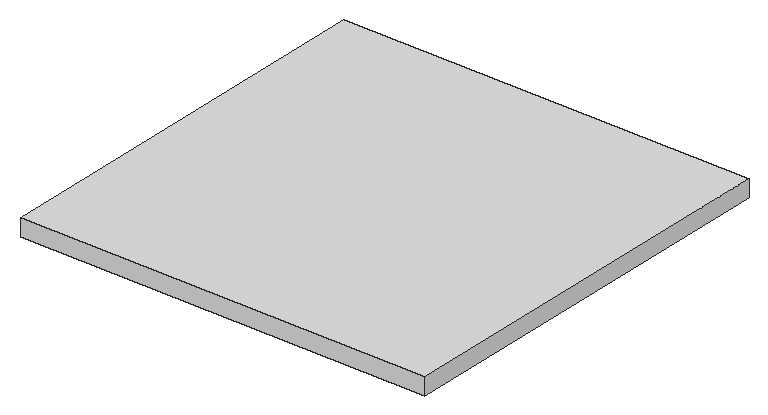
Revit family "IEK_Светильник_LED_ДВО_6575-6576_IP20_LOD2_R19", category Осветительные приборы, Revit 2019
Family settings
  Размер круглого соединителя = Использовать диаметр
  Тип детали = Нормальный
  На основе рабочей плоскости = Нет
  Всегда вертикально = Да
  При загрузке вырезать с полостями = Нет
  Источник света = Нет
  Общий = Нет
  Точка расчета площади = Нет
Parameters (values of type "ДВО6575_40Вт_3400лм_4000К_Встраиваемый_Сталь")
  УГО_Ширина = if(ADSK_Размер_Ширина = 595 mm, 5.9 mm, 2.5 mm)  # 5.9 mm
  УГО_Длина = if(ADSK_Размер_Длина = 595 mm, 5.9 mm, 10 mm)  # 5.9 mm
  УГО_А_верт [instance] = no
  УГО_А_180гр [instance] = no
  УГО_А_-90гр [instance] = no
  УГО_А_+90гр [instance] = no
  Лампа = "Светодиод. источник света (LED)"
  Комментарии к мощности = "Подвесной потолок Армстронг / Опал"
  Изготовитель = "IEK"  # constant formula
  URL = "https://www.iek.ru/"
  KSI_CPr_Строительные изделия = "ЭЛ 40 50 50 30"  # constant formula
  KSI_CMa_Строительные материалы = "СТ 10 12 20 20"  # constant formula
  IEK_Частота = "50 Гц"
  IEK_Цветовая температура = "4000 К"
  IEK_Цвет = "Белый"  # constant formula
  IEK_УГО_Смещение по оси Y [instance] = 1000 mm
  IEK_УГО_Смещение по оси X [instance] = 1000 mm
  IEK_УГО_Рабочее освещение [instance] = yes
  IEK_УГО_Аварийное освещение [instance] = not(IEK_УГО_Рабочее освещение)  # no
  IEK_Тип лампы = "LED"  # constant formula
  IEK_Температура эксплуатации = "0...+40 °C"
  IEK_Степень защиты = "IP20"  # constant formula
  IEK_Срок службы = "30 000 часов"  # constant formula
  IEK_Серия = "ДВО6575"
  IEK_Световой поток = "3400 лм"
  IEK_Редактор = ""
  IEK_Разработчик = "Созутов ВД"  # constant formula
  IEK_Описание = "Светодиодная панель IEK имеет равномерную засветку без слепящего эффекта. Широко используются в торговых центрах, магазинах, холлах, ресторанах, автосалонах, аэропортах, вокзалах, спортивных учреждениях.\r\n\r\nСветодиодные панели являются современными энергоэффективными светильниками и служат альтернативой светильникам ЛПО/ЛВО с люминесцентными лампами.\r\nМатериал корпуса - сталь, материал рассеивателя - полистирол.\r\nПрименение светодиодных технологий позволяет обеспечить время работы светильника до 30 000 часов.\r\nСветодиодные панели являются современными энергоэффективными светильниками и служат альтернативой светильникам ЛПО/ЛВО с люминесцентными лампами.\r\nМатериал корпуса - сталь, материал рассеивателя - полистирол.\r\nПрименение светодиодных технологий позволяет обеспечить время работы светильника до 30 000 часов.\r\n\r\nТехнические характеристики"
  IEK_Монтажная температура = ""
  IEK_Конфигуратор = "http://www.iek.ru/products/light-calc/"
  IEK_Класс защиты = "I"  # constant formula
  IEK_Индекс цветопередачи = "80-89 (класс 1B)"
  IEK_Замена = "ЛПО/ЛВО"  # constant formula
  IEK_Гарантийный срок = "2 года"  # constant formula
  IEK_Вид климатического исполнения = ""
  IEK_Блок аварийного питания = no
  IEK_URL_Сертификат = "https://www.iek.ru/local/components/iek/prodcat.catalog.detail/download.php?hash=4717c388fe1ccb0594ea8e8845a348aa22f6358a7c5fceadd03c67777cf521f2"
  IEK_URL_Паспорт изделия = "https://www.iek.ru/local/components/iek/prodcat.catalog.detail/download.php?hash=1826b5467397f7489f18e59f9e50a79a041f8b9e5d1254bd0b89f7a1c6cfb3bf"
  IEK_URL_Изображение = "https://www.iek.ru/upload/iek.prodcat/file/773e79e71d1c4b158239a20835dc95da43c9f31b8e2712c66b6e108aa595229b.png"
  IEK_URL_IES = "https://www.iek.ru/local/components/iek/prodcat.catalog.detail/download.php?hash=77cfb7f6aff68fc842bd3e27b26495afde8884ae7d6359ab238b3404827e20f3"
  IEK_URL = "https://www.iek.ru/products/catalog/svetotekhnika/kommercheskoe_osveshchenie/paneli_svetodiodnye/svetodiodnye_paneli_s_ravnomernoy_zasvetkoy/svetodiodnye_paneli_25mm/panel_svetodiodnaya_dvo_6575_595kh595kh25mm_40vt_4000k_ravnomernaya_zasvetka_opal_iek"
  IEK_LOD = "LOD200"  # constant formula
  IEK_ID = "#1003010201001"
  ADSK_Этаж [instance] = ""
  ADSK_Ток = ADSK_Номинальная мощность / (ADSK_Коэффициент мощности * ADSK_Напряжение * sqrt(ADSK_Количество фаз))  # 0.20202 A
  ADSK_Размер_Ширина = 595 mm
  ADSK_Размер_Длина = 595 mm
  ADSK_Размер_Диаметр = 10 mm
  ADSK_Размер_Высота = 25 mm
  ADSK_Примечание [instance] = ""
  ADSK_Полная мощность = ADSK_Номинальная мощность / ADSK_Коэффициент мощности  # 44.4444 VA
  ADSK_Позиция [instance] = ""
  ADSK_Обозначение = ""
  ADSK_Номинальная мощность = 40 W
  ADSK_Напряжение = 220 V
  ADSK_Наименование краткое = "Светильник светодиодный ДВО 6575 40Вт IP20 4000К"
  ADSK_Наименование = "Панель LED ДВО 6575 595х595х25мм 40Вт 4000К опал IEK"
  ADSK_Материал обозначение = "Рассеиватель (полистирол)"
  ADSK_Материал наименование = "Корпус (сталь)"
  ADSK_Материал = Белый
  ADSK_Масса_Текст = "2.0 Кг"
  ADSK_Масса = 2
  ADSK_Марка = "ДВО6575"
  ADSK_Коэффициент мощности = 0.9
  ADSK_Количество фаз = 1
  ADSK_Код изделия = "LDVO0-6575-40-4000-K01"
  ADSK_Классификация нагрузок = Освещение
  ADSK_Завод-изготовитель = "IEK"  # constant formula
  ADSK_Единица измерения = "шт"  # constant formula
  ADSK_Группирование = "Светильники, светоуказатели, световые табло"  # constant formula
  ADSK_Версия семейства = "1.0"  # constant formula
  ADSK_Версия Revit = "2019"  # constant formula
  ADSK_URL страницы изделия = "https://www.iek.ru/products/catalog/svetotekhnika/kommercheskoe_osveshchenie/paneli_svetodiodnye/svetodiodnye_paneli_s_ravnomernoy_zasvetkoy/svetodiodnye_paneli_25mm/panel_svetodiodnaya_dvo_6575_595kh595kh25mm_40vt_4000k_ravnomernaya_zasvetka_opal_iek"
  ADSK_URL документации изделия = "https://www.iek.ru/local/components/iek/prodcat.catalog.detail/download.php?hash=1826b5467397f7489f18e59f9e50a79a041f8b9e5d1254bd0b89f7a1c6cfb3bf"
Types (5, lengths in mm): name | IEK_Цветовая температура | IEK_Температура эксплуатации | IEK_Серия | IEK_Световой поток | IEK_URL_Сертификат | IEK_URL_IES | IEK_URL | IEK_ID | ADSK_Ток | ADSK_Полная мощность | ADSK_Номинальная мощность | ADSK_Наименование краткое | ADSK_Наименование | ADSK_Масса_Текст | ADSK_Масса | ADSK_Марка | ADSK_Код изделия | ADSK_URL страницы изделия | ADSK_URL документации изделия
  (no name) | "4000 К" | "0...+40 °C" | "ДВО6575" | "3400 лм" | "https://www.iek.ru/local/components/iek/prodcat.catalog.detail/download.php?hash=4717c388fe1ccb0594ea8e8845a348aa22f6358a7c5fceadd03c67777cf521f2" | "https://www.iek.ru/local/components/iek/prodcat.catalog.detail/download.php?hash=77cfb7f6aff68fc842bd3e27b26495afde8884ae7d6359ab238b3404827e20f3" | "https://www.iek.ru/products/catalog/svetotekhnika/kommercheskoe_osveshchenie/paneli_svetodiodnye/svetodiodnye_paneli_s_ravnomernoy_zasvetkoy/svetodiodnye_paneli_25mm/panel_svetodiodnaya_dvo_6575_595kh595kh25mm_40vt_4000k_ravnomernaya_zasvetka_opal_iek" | "#1003010201001" | 0.20202 A | 44.4444 VA | 40 W | "Светильник светодиодный ДВО 6575 40Вт IP20 4000К" | "Панель LED ДВО 6575 595х595х25мм 40Вт 4000К опал IEK" | "2.0 Кг" | 2 | "ДВО6575" | "LDVO0-6575-40-4000-K01" | "https://www.iek.ru/products/catalog/svetotekhnika/kommercheskoe_osveshchenie/paneli_svetodiodnye/svetodiodnye_paneli_s_ravnomernoy_zasvetkoy/svetodiodnye_paneli_25mm/panel_svetodiodnaya_dvo_6575_595kh595kh25mm_40vt_4000k_ravnomernaya_zasvetka_opal_iek" | "https://www.iek.ru/local/components/iek/prodcat.catalog.detail/download.php?hash=1826b5467397f7489f18e59f9e50a79a041f8b9e5d1254bd0b89f7a1c6cfb3bf"
  ДВО6575_40Вт_3400лм_4000К_Встраиваемый_Сталь | "4000 К" | "0...+40 °C" | "ДВО6575" | "3400 лм" | "https://www.iek.ru/local/components/iek/prodcat.catalog.detail/download.php?hash=4717c388fe1ccb0594ea8e8845a348aa22f6358a7c5fceadd03c67777cf521f2" | "https://www.iek.ru/local/components/iek/prodcat.catalog.detail/download.php?hash=77cfb7f6aff68fc842bd3e27b26495afde8884ae7d6359ab238b3404827e20f3" | "https://www.iek.ru/products/catalog/svetotekhnika/kommercheskoe_osveshchenie/paneli_svetodiodnye/svetodiodnye_paneli_s_ravnomernoy_zasvetkoy/svetodiodnye_paneli_25mm/panel_svetodiodnaya_dvo_6575_595kh595kh25mm_40vt_4000k_ravnomernaya_zasvetka_opal_iek" | "#1003010201001" | 0.20202 A | 44.4444 VA | 40 W | "Светильник светодиодный ДВО 6575 40Вт IP20 4000К" | "Панель LED ДВО 6575 595х595х25мм 40Вт 4000К опал IEK" | "2.0 Кг" | 2 | "ДВО6575" | "LDVO0-6575-40-4000-K01" | "https://www.iek.ru/products/catalog/svetotekhnika/kommercheskoe_osveshchenie/paneli_svetodiodnye/svetodiodnye_paneli_s_ravnomernoy_zasvetkoy/svetodiodnye_paneli_25mm/panel_svetodiodnaya_dvo_6575_595kh595kh25mm_40vt_4000k_ravnomernaya_zasvetka_opal_iek" | "https://www.iek.ru/local/components/iek/prodcat.catalog.detail/download.php?hash=1826b5467397f7489f18e59f9e50a79a041f8b9e5d1254bd0b89f7a1c6cfb3bf"
  ДВО6575_40Вт_3400лм_6500К_Встраиваемый_Сталь | "6500 К" | "0...+40 °C" | "ДВО6575" | "3400 лм" | "https://www.iek.ru/local/components/iek/prodcat.catalog.detail/download.php?hash=4717c388fe1ccb0594ea8e8845a348aa22f6358a7c5fceadd03c67777cf521f2" | "https://www.iek.ru/local/components/iek/prodcat.catalog.detail/download.php?hash=50f46adb50ddb2d7fe4708f1b3f82d3baea2c6c824ece8cf6eaa86570df74bbe" | "https://www.iek.ru/products/catalog/svetotekhnika/kommercheskoe_osveshchenie/paneli_svetodiodnye/svetodiodnye_paneli_s_ravnomernoy_zasvetkoy/svetodiodnye_paneli_25mm/panel_svetodiodnaya_dvo_6575_595kh595kh25mm_40vt_6500k_ravnomernaya_zasvetka_opal_iek" | "#1003010201002" | 0.20202 A | 44.4444 VA | 40 W | "Светильник светодиодный ДВО 6575 40Вт IP20 6500К" | "Панель LED ДВО 6575 595х595х25мм 40Вт 6500К опал IEK" | "2.0 Кг" | 2 | "ДВО6575" | "LDVO0-6575-40-6500-K01" | "" | ""
  ДВО6576_50Вт_4300лм_4000К_Встраиваемый_Сталь | "4000 К" | "0...+35 °C" | "ДВО6576" | "4300 лм" | "https://www.iek.ru/local/components/iek/prodcat.catalog.detail/download.php?hash=ea7c07e5baa66d60a3594df9579f33e86b73796edc31894c935f86e0e4f875cc" | "" | "https://www.iek.ru/products/catalog/svetotekhnika/kommercheskoe_osveshchenie/paneli_svetodiodnye/svetodiodnye_paneli_s_ravnomernoy_zasvetkoy/svetodiodnye_paneli_25mm/panel_svetodiodnaya_dvo_6576_595kh595kh25mm_50vt_4000k_ravnomernaya_zasvetka_opal_iek" | "#1003010201003" | 0.252525 A | 55.5556 VA | 50 W | "Панель LED ДВО 6576 50Вт IP20 4000К" | "Панель LED ДВО 6576 595х595х25мм 50Вт 4000К опал IEK" | "2.0 Кг" | 2 | "ДВО6576" | "LDVO0-6576-50-4000-K01" | "https://www.iek.ru/products/catalog/svetotekhnika/kommercheskoe_osveshchenie/paneli_svetodiodnye/svetodiodnye_paneli_s_ravnomernoy_zasvetkoy/svetodiodnye_paneli_25mm/panel_svetodiodnaya_dvo_6576_595kh595kh25mm_50vt_4000k_ravnomernaya_zasvetka_opal_iek" | "https://www.iek.ru/local/components/iek/prodcat.catalog.detail/download.php?hash=1826b5467397f7489f18e59f9e50a79a041f8b9e5d1254bd0b89f7a1c6cfb3bf"
  ДВО6576_50Вт_4300лм_6500К_Встраиваемый_Сталь | "6500 К" | "0...+35 °C" | "ДВО6576" | "3400 лм" | "https://www.iek.ru/local/components/iek/prodcat.catalog.detail/download.php?hash=ea7c07e5baa66d60a3594df9579f33e86b73796edc31894c935f86e0e4f875cc" | "" | "https://www.iek.ru/products/catalog/svetotekhnika/kommercheskoe_osveshchenie/paneli_svetodiodnye/svetodiodnye_paneli_s_ravnomernoy_zasvetkoy/svetodiodnye_paneli_25mm/panel_svetodiodnaya_dvo_6576_595kh595kh25mm_50vt_6500k_ravnomernaya_zasvetka_opal_iek" | "#1003010201004" | 0.252525 A | 55.5556 VA | 50 W | "Панель LED ДВО 6576 50Вт IP20 6500К" | "Панель LED ДВО 6576 595х595х25мм 50Вт 6500К опал IEK" | "1.0 Кг" | 1 | "ДВО6576" | "LDVO0-6576-50-6500-K01\r\nLDVO0-6576-50-6500-K01\r\nLDVO0-6576-50-6500-K01" | "https://www.iek.ru/products/catalog/svetotekhnika/kommercheskoe_osveshchenie/paneli_svetodiodnye/svetodiodnye_paneli_s_ravnomernoy_zasvetkoy/svetodiodnye_paneli_25mm/panel_svetodiodnaya_dvo_6576_595kh595kh25mm_50vt_6500k_ravnomernaya_zasvetka_opal_iek" | "https://www.iek.ru/local/components/iek/prodcat.catalog.detail/download.php?hash=1826b5467397f7489f18e59f9e50a79a041f8b9e5d1254bd0b89f7a1c6cfb3bf"
Reference planes
  plane 1 "По центру (Вперед/Назад)": y = 0
  plane 2: z = 0
  plane 3 "По центру (Влево/Вправо)": x = 0
  plane 4: z = 25
  plane 5 "3": x = 297.5
  plane 6 "4": x = -297.5
  plane 7 "1": y = -297.5
  plane 8 "2": y = 297.5
  plane 9: x = -1000
  plane 10: y = -1000
Forms (mm)
  Extrusion 1, solid, material "Белый" <- "ADSK_Материал", detail levels medium+fine
    sketch origin (0, 0, 0) x (1, 0, 0) y (0, 1, 0)
      loop
        line (-297.5, 297.5) -> (-297.5, -297.5) -> (297.5, -297.5) -> (297.5, 297.5) -> (-297.5, 297.5)
    from 0 to 25
Lines and regions (mm)
  Masking region 1
    outline origin (69.901, 0, -5.625) x (1, 0, 0) y (0, 0, 1)
      loop
        line (-76.973, 12.797) -> (-76.973, 7.102) -> (-74.352, 7.102) -> (-74.352, 12.797) -> (-76.973, 12.797)
      loop
        line (-76.973, 15.902) -> (-76.973, 13.467) -> (-74.352, 13.467) -> (-74.352, 15.902) -> (-76.973, 15.902)
      loop
        line (-73.708, 15.902) -> (-73.708, 13.467) -> (-68.012, 13.467) -> (-68.012, 15.902) -> (-73.708, 15.902)
      loop
        line (-68.012, 12.797) -> (-73.708, 12.797) -> (-73.708, 7.102) -> (-68.012, 7.102) -> (-68.012, 9.598) -> (-71.239, 9.598) -> (-71.239, 10.38) -> (-68.012, 10.38) -> (-68.012, 12.797)
      loop
        line (-67.482, 15.902) -> (-67.482, 7.102) -> (-64.907, 7.102) -> (-64.907, 10.265) -> (-64.068, 10.265) -> (-61.934, 7.102) -> (-58.956, 7.102) -> (-62.028, 11.657) -> (-58.831, 16.223) -> (-61.579, 16.223) -> (-64.068, 12.797) -> (-64.907, 12.797) -> (-64.907, 15.902) -> (-67.482, 15.902)
  reference lines
    curve 1: line (-20, 0, 0) -> (20, 0, 0)
    curve 2: line (0, 10, 0) -> (0, -10, 0)
  reference lines, not visible
    curve 3: line (91.496, -55.114, 0) -> (131.496, -55.114, 0)
    curve 4: line (111.496, -45.114, 0) -> (111.496, -65.114, 0)
Text (mm)
  text "sozutov" at (164.293, 0, 16.659), in view "Спереди"
Dimensions and locks
  "ADSK_Размер_Высота": plane 4 to plane 2
  equal spacing: plane 6 "4", plane 3 "По центру (Влево/Вправо)", plane 5 "3"
  "ADSK_Размер_Длина": plane 6 "4" to plane 5 "3"
  equal spacing: plane 7 "1", plane 1 "По центру (Вперед/Назад)", plane 8 "2"
  "ADSK_Размер_Ширина": plane 7 "1" to plane 8 "2"
  "IEK_УГО_Смещение по оси X": plane 9 to plane 3 "По центру (Влево/Вправо)"
  "IEK_УГО_Смещение по оси Y": plane 10 to plane 1 "По центру (Вперед/Назад)"
  locked: plane 9 to curve 2 at 1000
  locked: plane 10 to curve 1 at 1000
  aligned and locked: level to plane 2
  aligned and locked: Extrusion 1 sketch curve to plane 8 "2"
  aligned and locked: Extrusion 1 sketch curve to plane 6 "4"
  aligned and locked: Extrusion 1 sketch curve to plane 7 "1"
  aligned and locked: Extrusion 1 sketch curve to plane 5 "3"
  aligned and locked: Extrusion 1 to plane 4
  aligned and locked: nested 1 to curve 2
  aligned and locked: curve 1 to nested 1
  aligned and locked: nested 2 to curve 4
  aligned and locked: curve 3 to nested 2
Automatic sketch dimensions
  level to Masking region 1 sketch curve = 7.172 mm  (x2)
  Masking region 1 sketch curve to plane 3 "По центру (Влево/Вправо)" = 7.073 mm
  Masking region 1 sketch curve to Masking region 1 sketch curve = 0 mm  (x8)
  Masking region 1 sketch curve to Masking region 1 sketch curve = 2.621 mm  (x2)
  Masking region 1 sketch curve to Masking region 1 sketch curve = 0.644 mm  (x2)
  Masking region 1 sketch curve to Masking region 1 sketch curve = 2.469 mm
  Masking region 1 sketch curve to Masking region 1 sketch curve = 3.227 mm
  Masking region 1 sketch curve to Masking region 1 sketch curve = 0.53 mm
  Masking region 1 sketch curve to Masking region 1 sketch curve = 2.575 mm
  Masking region 1 sketch curve to Masking region 1 sketch curve = 0.839 mm  (x2)
  level to Masking region 1 sketch curve = 6.032 mm
  Masking region 1 sketch curve to Masking region 1 sketch curve = 2.04 mm
  level to Masking region 1 sketch curve = 10.598 mm
  Masking region 1 sketch curve to Masking region 1 sketch curve = 3.328 mm
  Masking region 1 sketch curve to Masking region 1 sketch curve = 2.748 mm
  Masking region 1 sketch curve to Masking region 1 sketch curve = 2.418 mm
  Masking region 1 sketch curve to Masking region 1 sketch curve = 1.392 mm
  Masking region 1 sketch curve to Masking region 1 sketch curve = 0.782 mm
  Masking region 1 sketch curve to Masking region 1 sketch curve = 2.496 mm
  Masking region 1 sketch curve to Masking region 1 sketch curve = 0.669 mm  (x2)
  Masking region 1 sketch curve to Masking region 1 sketch curve = 2.435 mm  (x2)
  Masking region 1 sketch curve to Masking region 1 sketch curve = 2.972 mm
  level to Masking region 1 sketch curve = 1.477 mm
  Masking region 1 sketch curve to Masking region 1 sketch curve = 2.978 mm
  curve 1 to curve 2 = 20 mm
  curve 2 to curve 1 = 20 mm
  curve 2 to curve 1 = 10 mm
  curve 2 to curve 2 = 20 mm
  curve 3 to curve 4 = 20 mm
  curve 4 to curve 3 = 20 mm
  curve 4 to curve 3 = 10 mm
  curve 4 to curve 4 = 20 mm
Nested families
  nested 1: "IEK_УГО светильник линейный универсальный" at (0, 0, 0), type "Стандарт", detail levels coarse+medium
  nested 2: "IEK_УГО светильник линейный универсальный" at (111.496, -55.114, 0), type "Стандарт", not visible, detail levels coarse+medium
Connectors
  electrical at (0, 0, 25), driven by "ADSK_Количество фаз", driven by "ADSK_Классификация нагрузок", driven by "ADSK_Напряжение", driven by "ADSK_Полная мощность", driven by "ADSK_Коэффициент мощности"
    settings: on Extrusion 1, index 1, voltage 220 V, apparent load 0 VA, apparent load phase1 44.4444 VA, apparent load phase2 0 VA, apparent load phase3 0 VA, power factor 0.9, load classification "Освещение", number of poles 1, system type 31, power factor state 1, is connector primary yes, connector utility no, sub classification motor no, connector description ""
  cabletrayconduit at (0, -297.5, 10), diameter 10, driven by "ADSK_Размер_Диаметр"
    settings: on Extrusion 1, index 2, connector width 300 mm, connector height 300 mm, connector angle 0.00°, system type 32, placement type 0, profile type 0, connector reference index -1, is primary connector yes, connector utility param no, connector description ""
  cabletrayconduit at (0, 297.5, 10), diameter 10, driven by "ADSK_Размер_Диаметр"
    settings: on Extrusion 1, index 3, connector width 300 mm, connector height 300 mm, connector angle 0.00°, system type 32, placement type 0, profile type 0, connector reference index -1, is primary connector no, connector utility param no, connector description ""
  cabletrayconduit at (-297.5, 0, 10), diameter 10, driven by "ADSK_Размер_Диаметр"
    settings: on Extrusion 1, index 4, connector width 300 mm, connector height 300 mm, connector angle 0.00°, system type 32, placement type 0, profile type 0, connector reference index -1, is primary connector no, connector utility param no, connector description ""
  cabletrayconduit at (297.5, 0, 10), diameter 10, driven by "ADSK_Размер_Диаметр"
    settings: on Extrusion 1, index 5, connector width 300 mm, connector height 300 mm, connector angle 0.00°, system type 32, placement type 0, profile type 0, connector reference index -1, is primary connector no, connector utility param no, connector description ""
Definition of nested family "IEK_УГО светильник линейный универсальный"
  Parameters (values of type "Стандарт")
    Рабочая линия = yes
    Аварийная линия = yes
    ADSK_Размер_Ширина = 5.9 mm
    ADSK_Размер_Длина = 5.9 mm
    (А) -90гр = no
    (А) - Верт = no
    (А) - 180гр = no
    (А) +90гр = no
  Reference planes
    plane 1: y = 0
    plane 2: x = 0
  Lines and regions (mm)
    detail lines, visible <- "(А) - Верт"
      curve 1: line (-0.742, -1.009, 0) -> (0, 1.031, 0)
      curve 2: line (0, 1.031, 0) -> (0.75, -1.031, 0)
      curve 3: line (-0.568, -0.53, 0) -> (0.568, -0.53, 0)
    detail lines, visible <- "(А) - 180гр"
      curve 4: line (0.742, 1.009, 0) -> (0, -1.031, 0)
      curve 5: line (0, -1.031, 0) -> (-0.75, 1.031, 0)
      curve 6: line (0.568, 0.53, 0) -> (-0.568, 0.53, 0)
    detail lines, visible <- "(А) -90гр"
      curve 7: line (0.893, -0.746, 0) -> (-1.147, -0.004, 0)
      curve 8: line (-1.147, -0.004, 0) -> (0.914, 0.746, 0)
      curve 9: line (0.414, -0.572, 0) -> (0.414, 0.564, 0)
    detail lines, visible <- "(А) +90гр"
      curve 10: line (-0.872, 0.746, 0) -> (1.167, 0.004, 0)
      curve 11: line (1.167, 0.004, 0) -> (-0.894, -0.746, 0)
      curve 12: line (-0.394, 0.572, 0) -> (-0.394, -0.564, 0)
    detail lines, visible <- "Рабочая линия"
      curve 13: line (-2.95, 2.95, 0) -> (2.95, 2.95, 0)
      curve 14: line (2.95, 2.95, 0) -> (2.95, -2.95, 0)
      curve 15: line (2.95, -2.95, 0) -> (-2.95, -2.95, 0)
      curve 16: line (-2.95, -2.95, 0) -> (-2.95, 2.95, 0)
      curve 17: line (-2.065, -2.95, 0) -> (-2.065, 2.95, 0)
      curve 18: line (2.065, 2.95, 0) -> (2.065, -2.95, 0)
    detail lines, visible <- "Аварийная линия"
      curve 19: line (-2.95, 2.95, 0) -> (2.95, 2.95, 0)
      curve 20: line (2.95, 2.95, 0) -> (2.95, -2.95, 0)
      curve 21: line (2.95, -2.95, 0) -> (-2.95, -2.95, 0)
      curve 22: line (-2.95, -2.95, 0) -> (-2.95, 2.95, 0)
      curve 23: line (-2.065, -2.95, 0) -> (-2.065, 2.95, 0)
      curve 24: line (2.065, 2.95, 0) -> (2.065, -2.95, 0)
  Dimensions and locks
    equal spacing: curve 22, plane 2, curve 20
    "ADSK_Размер_Длина": curve 22 to curve 20
    equal spacing: curve 19, plane 1, curve 21
    "ADSK_Размер_Ширина": curve 19 to curve 21
  Automatic sketch dimensions
    curve 2 to plane 2 = 0 mm
    curve 5 to plane 2 = 0 mm
    plane 1 to curve 7 = 0.004 mm
    curve 7 to plane 2 = 1.147 mm
    curve 10 to plane 1 = 0.004 mm
    plane 2 to curve 10 = 1.167 mm
    plane 1 to curve 4 = 1.031 mm
    curve 1 to plane 1 = 1.031 mm
    curve 15 to curve 23 = 0.885 mm
    curve 17 to curve 23 = 0 mm
    curve 7 to curve 11 = 0.253 mm
    curve 7 to curve 10 = 0.275 mm
    curve 10 to curve 5 = 0.122 mm
    curve 11 to curve 1 = 0.152 mm
    curve 11 to curve 3 = 0.326 mm
    curve 10 to curve 6 = 0.304 mm
    curve 3 to curve 12 = 0.174 mm
    plane 2 to curve 9 = 0.414 mm
    curve 9 to curve 6 = 0.154 mm
    curve 9 to curve 3 = 0.154 mm
    curve 6 to curve 4 = 0.174 mm
    curve 3 to curve 2 = 0.182 mm
    curve 2 to curve 7 = 0.142 mm
    curve 4 to curve 8 = 0.172 mm
    curve 24 to curve 13 = 0.885 mm
    curve 18 to curve 24 = 0 mm
    curve 4 to curve 2 = 0 mm
    curve 1 to curve 11 = 0.262 mm
    curve 2 to curve 7 = 0.284 mm
    curve 6 to plane 1 = 0.53 mm
    curve 6 to curve 9 = 0.034 mm
    curve 6 to curve 12 = 0.042 mm
